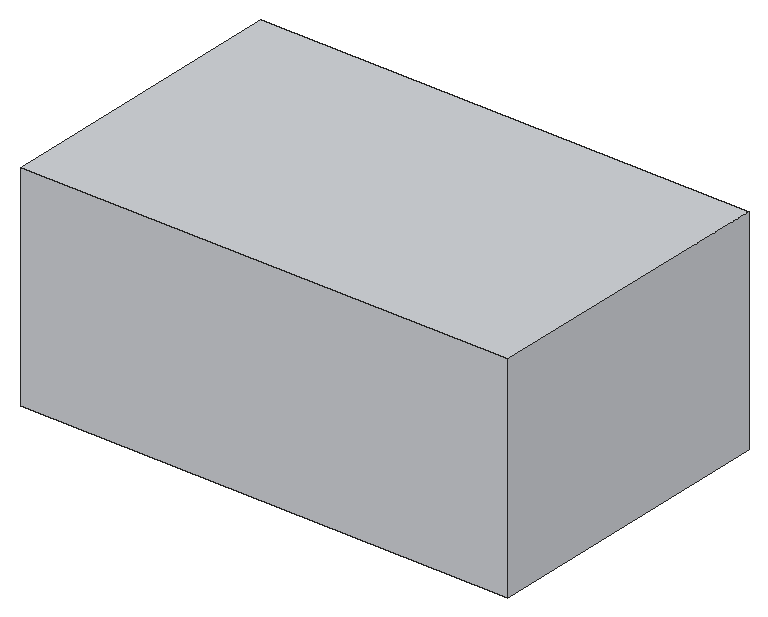
Revit family "b90a4468725a418f98879aba4a00ae4a", category Conduit Fittings, Revit 2021
Family settings
  Round Connector Dimension = Use Radius
  Part Type = Multi Port
  OmniClass Number = 23.80.30.17.11
  OmniClass Title = Conduits
  Work Plane-Based = No
  Always vertical = Yes
  Cut with Voids When Loaded = No
  Shared = No
Parameters (values of type "Single Gang")
  Width 1 [instance] = if(not(Max Nominal Diameter 1234 > 0' 1"), 0' 1 1/2", Max Nominal Diameter 1234 + 0' 0 1/2")  # 1 1/2"
  Width [instance] = if(not(Max Nominal Diameter 1234 > 0' 1"), Outside Width, 6 * Max Nominal Diameter 1234)  # 2 13/16"
  Outside Width = 2 13/16"
  Outside Height = 2"
  Nominal Radius 4 [instance] = 1/4"
  Nominal Radius 3 [instance] = 1/4"
  Nominal Radius 2 [instance] = 1/4"
  Nominal Radius 1 [instance] = 1/4"
  Nominal Diameter 4 [instance] = Nominal Radius 4 * 2  # 1/2"
  Nominal Diameter 3 [instance] = Nominal Radius 3 * 2  # 1/2"
  Nominal Diameter 2 [instance] = Nominal Radius 2 * 2  # 1/2"
  Nominal Diameter 1 [instance] = Nominal Radius 1 * 2  # 1/2"
  Max Nominal Diameter 34 [instance] = if(Nominal Diameter 3 > Nominal Diameter 4, Nominal Diameter 3, Nominal Diameter 4)  # 1/2"
  Max Nominal Diameter 1234 [instance] = if(Max Nominal Diameter 12 > Max Nominal Diameter 34, Max Nominal Diameter 12, Max Nominal Diameter 34)  # 1/2"
  Max Nominal Diameter 12 [instance] = if(Nominal Diameter 1 > Nominal Diameter 2, Nominal Diameter 1, Nominal Diameter 2)  # 1/2"
  Length [instance] = if(not(Max Nominal Diameter 1234 > 0' 1"), 0' 4 9/16", 8 * Max Nominal Diameter 1234)  # 4 9/16"
  Height [instance] = if(not(Max Nominal Diameter 1234 > 0' 1"), Outside Height, if(Max Nominal Diameter 1234 < 0' 6", 0' 6", Max Nominal Diameter 1234 * 1.2))  # 2"
  Default Elevation = 0' - 0"
Types (3): name | Width | Outside Width | Outside Height | Height
  (no name) | 2 13/16" | 2 13/16" | 2" | 2"
  Single Gang | 2 13/16" | 2 13/16" | 2" | 2"
  Double Gang | 4 5/8" | 4 5/8" | 2 1/16" | 2 1/16"
Reference planes (in)
  plane 1 "Center (Front/Back)": y = 0
  plane 2: z = 0
  plane 3 "Center (Left/Right)": x = 0
  plane 4: y = 1.40625
  plane 5: y = -1.40625
  plane 6: x = 4.5625
  plane 7: z = -1
  plane 8: z = 1
  plane 9: y = 0.75
  plane 10: y = -0.75
Forms (in)
  Extrusion 1, solid
    sketch origin (0, 0, 0) x (1, 0, 0) y (0, 1, 0)
      loop
        line (0, 1.40625) -> (0, -1.40625) -> (4.5625, -1.40625) -> (4.5625, 1.40625) -> (0, 1.40625)
    from -1 to 1
  Extrusion 2, solid
    sketch origin (0, 0, 0) x (0, 1, 0) y (0, 0, 1)
      loop
        circle (-0.75, 0) r 0.25
      loop
        circle (0.75, 0) r 0.25
    from 3.51762 to 4.5625
Cuts and joins
  joined: Extrusion 1, Extrusion 2
Dimensions and locks (in)
  equal spacing: plane 4, plane 1 "Center (Front/Back)", plane 5
  "Width": plane 4 to plane 5
  equal spacing: plane 8, plane 2, plane 7
  locked: level to plane 2
  "Height": plane 8 to plane 7
  "Length": plane 3 "Center (Left/Right)" to plane 6
  equal spacing: plane 9, plane 1 "Center (Front/Back)", plane 10
  "Width 1": plane 9 to plane 10
  "Nominal Radius 1": radius of Extrusion 2 sketch curve  (x2)
  aligned and locked: Extrusion 1 sketch curve to plane 4
  aligned and locked: plane 5 to Extrusion 1 sketch curve
  aligned and locked: Extrusion 1 sketch curve to plane 6
  aligned: Extrusion 1 to plane 2
  aligned and locked: Extrusion 1 to plane 7
  aligned and locked: plane 8 to Extrusion 1
  aligned and locked: Extrusion 1 to plane 3 "Center (Left/Right)"
  aligned and locked: plane 2 to Extrusion 2 sketch curve
  aligned and locked: plane 10 to Extrusion 2 sketch curve
  aligned and locked: level to Extrusion 2 sketch curve
  aligned and locked: plane 9 to Extrusion 2 sketch curve
  aligned and locked: plane 6 to Extrusion 2
Automatic sketch dimensions
  plane 3 "Center (Left/Right)" to Extrusion 1 sketch curve = 0' - 0"
Connectors (in)
  cabletrayconduit at (0, 0, 0), diameter 0.5, driven by "Nominal Radius 1"
    settings: on Extrusion 1, index 1, connector width 1' - 0", connector height 1' - 0", connector angle 0.00°, system type 32, placement type 0, profile type 0, connector reference index 2, is primary connector yes, connector utility param no, connector description ""
  cabletrayconduit at (4.5625, 0.75, 0), diameter 0.5, driven by "Nominal Radius 2"
    settings: on Extrusion 2, index 2, connector width 1' - 0", connector height 1' - 0", connector angle 0.00°, system type 32, placement type 0, profile type 0, connector reference index 1, is primary connector no, connector utility param no, connector description ""
  cabletrayconduit at (4.5625, -0.75, 0), diameter 0.5, driven by "Nominal Radius 3"
    settings: on Extrusion 2, index 3, connector width 1' - 0", connector height 1' - 0", connector angle 0.00°, system type 32, placement type 0, profile type 0, connector reference index -1, is primary connector no, connector utility param no, connector description ""
  cabletrayconduit at (2.28125, 0, -1), diameter 0.5, driven by "Nominal Radius 4"
    settings: on Extrusion 1, index 4, connector width 1' - 0", connector height 1' - 0", connector angle 0.00°, system type 32, placement type 0, profile type 0, connector reference index -1, is primary connector no, connector utility param no, connector description ""
